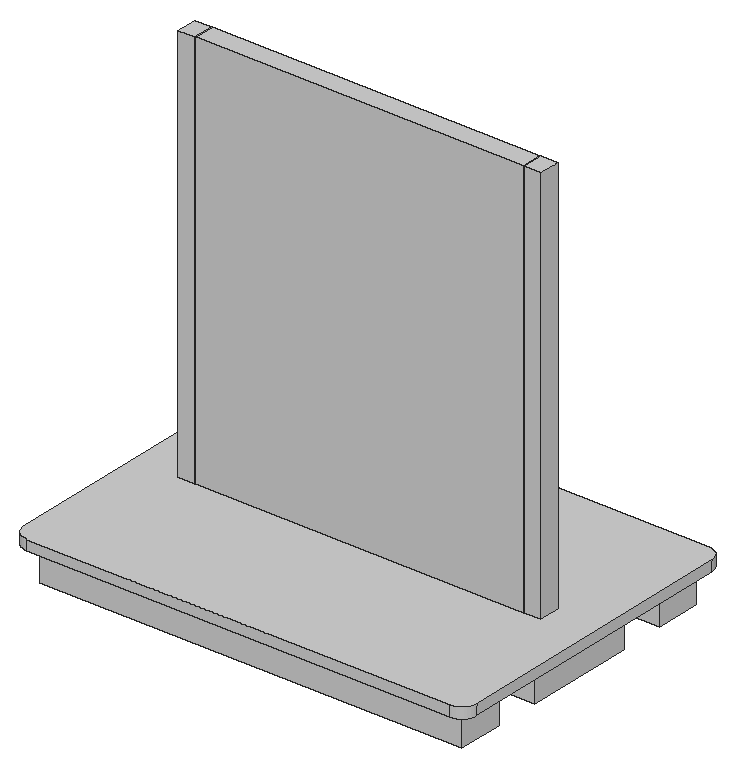
Revit family "FK", category Specialty Equipment, Revit 2012
Parameters (values of type "Promotional Display Flat Kit (Default)")
  Width = 4' - 0"
  URL = "http://madixinc.com/display/freestanding.html"
  Model = "Promotional Display Flat Kit"
  Manufacturer = "© 2012 Madix, Inc. All rights reserved."
Reference planes (in)
  plane 1 "Center (Front/Back)": y = 0
  plane 2: z = 0
  plane 3 "Center (Left/Right)": x = 0
  plane 4: y = 21.375
  plane 5: y = 1.375
  plane 6: y = -1.375
  plane 7: y = -21.375
  plane 8: x = -30
  plane 9: x = 30
  plane 10: x = -24
  plane 11: x = -21.75
  plane 12: x = 24
  plane 13: x = 21.75
  plane 14: z = 59
  plane 15: z = 6
  plane 16: z = 4.625
  plane 17: y = 19.375
  plane 18: y = -19.375
  plane 19: x = 28
  plane 20: x = -28
Forms (in)
  Extrusion 1, solid, material "Metal - Steel"
    sketch origin (0, 0, 0) x (1, 0, 0) y (0, 1, 0)
      loop
        line (-24, 1.375) -> (-24, -1.375) -> (-21.75, -1.375) -> (-21.75, 1.375) -> (-24, 1.375)
      loop
        line (-21.71875, 1.375) -> (-21.71875, -1.375) -> (21.71875, -1.375) -> (21.71875, 1.375) -> (-21.71875, 1.375)
      loop
        line (24, -1.375) -> (24, 1.375) -> (21.75, 1.375) -> (21.75, -1.375) -> (24, -1.375)
    from 6 to 59
  Extrusion 2, solid, material "Metal - Steel"
    sketch origin (0, 0, 0) x (0, 1, 0) y (0, 0, 1)
      loop
        line (19.375, 0) -> (19.375, 4.625) -> (-19.375, 4.625) -> (-19.375, 0) -> (-13.375, 0) -> (-13.375, 3) -> (-7.375, 3) -> (-7.375, 0) -> (7.375, 0) -> (7.375, 3) -> (13.375, 3) -> (13.375, 0) -> (19.375, 0)
    from -28 to 28
  Extrusion 3, solid, material "Metal - Steel"
    sketch origin (0, 0, 0) x (1, 0, 0) y (0, 1, 0)
      loop
        arc (-28, 21.375) -> (-29.41421, 20.78921) -> (-30, 19.375) r 2
        line (-30, 19.375) -> (-30, -19.375)
        arc (-30, -19.375) -> (-29.41421, -20.78921) -> (-28, -21.375) r 2
        line (-28, -21.375) -> (28, -21.375)
        arc (28, -21.375) -> (29.41421, -20.78921) -> (30, -19.375) r 2
        line (30, -19.375) -> (30, 19.375)
        arc (30, 19.375) -> (29.41421, 20.78921) -> (28, 21.375) r 2
        line (28, 21.375) -> (-28, 21.375)
    from 4.625 to 6
Dimensions and locks (in)
  equal spacing: plane 10, plane 3 "Center (Left/Right)", plane 12
  "Width": plane 10 to plane 12
  plane 12 to plane 19 to plane 9 = 0' - 4" locked, 0' - 2" locked
  plane 8 to plane 20 to plane 10 = 0' - 2" locked, 0' - 4" locked
  locked: plane 10 to plane 11 at 2.25
  locked: plane 13 to plane 12 at 2.25
  aligned and locked: level to plane 2
  aligned and locked: plane 20 to Extrusion 2
  aligned and locked: plane 19 to Extrusion 2
Automatic sketch dimensions
  plane 6 to Extrusion 1 sketch curve = 0' - 0"  (x3)
  Extrusion 1 sketch curve to plane 10 = 0' - 0"
  Extrusion 1 sketch curve to plane 11 = 0' - 0"
  Extrusion 1 sketch curve to plane 5 = 0' - 0"  (x3)
  Extrusion 1 sketch curve to plane 13 = 0' - 0"
  Extrusion 1 sketch curve to plane 12 = 0' - 0"
  plane 11 to Extrusion 1 sketch curve = 0' - 0 1/32"
  plane 13 to Extrusion 1 sketch curve = 0' - 0 1/32"
  Extrusion 2 sketch curve to level = 0' - 0"  (x3)
  Extrusion 2 sketch curve to plane 18 = 0' - 0"
  Extrusion 2 sketch curve to plane 16 = 0' - 0"
  Extrusion 2 sketch curve to plane 17 = 0' - 0"
  Extrusion 2 sketch curve to plane 16 = 0' - 1 5/8"  (x2)
  plane 18 to Extrusion 2 sketch curve = 0' - 6"
  Extrusion 2 sketch curve to Extrusion 2 sketch curve = 0' - 6"
  plane 5 to Extrusion 2 sketch curve = 0' - 6"
  plane 17 to Extrusion 2 sketch curve = 0' - 6"
  Extrusion 3 sketch curve to plane 8 = 0' - 0"
  plane 7 to Extrusion 3 sketch curve = 0' - 0"
  Extrusion 3 sketch curve to plane 20 = 0' - 0"  (x2)
  Extrusion 3 sketch curve to plane 4 = 0' - 0"
  Extrusion 3 sketch curve to plane 19 = 0' - 0"  (x2)
  Extrusion 3 sketch curve to plane 9 = 0' - 0"
